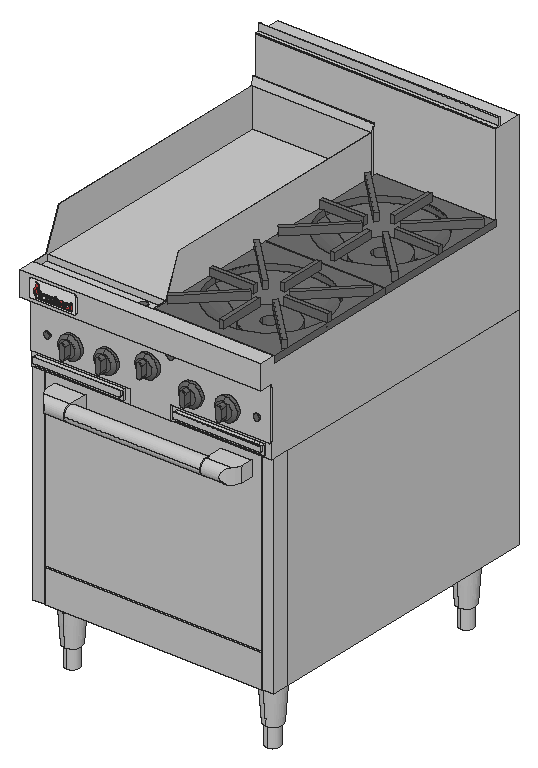
Revit family "QF_COMCATER ALL BRANDS_RCR6-2-3G", category Specialty Equipment, Revit 2014
Parameters (values of type "RCR6-2-3G_Natural Gas")
  URL Cutsheet = ""
  URL = ""
  Type Comments = "The Australian owned and designed* Trueheat RC Series of Gas Cooking Equipment has been developed for the restaurant and cafe market with a high quality finish, designed to fulfill the busy demands within a commercial kitchen.\r\nPowerful 24MJ/hr open burners with individual standing pilots included.\r\n100% Flame failure controls included as standard. Matt finish premium look cast iron trivets radiant heat and design makes it easy to move pots around the surface.\r\n16mm thick steel griddle plate with 16.5MJ/hr burner per 300mm section.\r\n25MJ/hr static oven with two oven racks fit to removable vertical rack guides which provide 3 rack heights. Oven racks are fabricated from 304 stainless steel. Interior oven panels are coated with black vitreous enamel for ease of cleaning.\r\nNote: Griddle is convertible to the left hand side. Additional charges apply."
  Status [instance] = ""
  Specification by User [instance] = ""
  Specification by Manufacturer [instance] = ""
  Seismic Rating = ""
  SMACNA No = ""
  Revision Code [instance] = ""
  Nominal Gas power = 21300 W
  NAFEM Spec ID Number = ""
  Model = "RCR6-2-3G"
  Mechanical Connection Type [instance] = " "
  Masterspec = ""
  Manufacturer = "TRUEHEAT"
  Length Actual = 600 mm
  Item Number [instance] = ""
  Installed By [instance] = ""
  Identify Quantity as Lot [instance] = no
  Height Actual = 1135 mm
  Gas power kW = 21.3
  Gas Size Flexible = 0 mm
  Gas Size = 19.05 mm
  Gas RI Height [instance] = 0 mm
  Gas Flow = 0.0 L/s
  Gas Connection Height [instance] = 705 mm
  Furnished By [instance] = ""
  Foodservice Equipment Identifier [instance] = yes
  Description = "2 BURNER COMBINATION RANGE WITH OVEN"
  Depth Actual = 830 mm
  CSI MasterFormat = ""
  BTUH = 21300 W
  Assembly Code = "E1090320"
  Accessory = no
Types (2): name
  RCR6-2-3G_Natural Gas
  RCR6-2-3G_LPG
Reference planes
  plane 1 "Center (Front/Back)": y = 0
  plane 2: z = 0
  plane 3 "Center (Left/Right)": x = 0
Forms (mm)
  Extrusion 1, solid
    sketch origin (96, 0, 705) x (1, 0, 0) y (0, 1, 0)
      loop
        line (0, 0) -> (2, 0) -> (2, 2) -> (0, 2) -> (0, 0)
    from 0 to 2
Dimensions and locks
  aligned and locked: level to plane 2
Nested families
  nested 1: "QF_COMCATER ALL BRANDS_RCR6-2-3G_Natural Gas" at (0, 0, 155), type "RCR6-2-3G_Natural Gas"
    with Show Logo yes, Show Clearance yes
  nested 2: "QF_COMCATER_THSP-10-00-003-6" at (0, 0, 0), type "THSP-10-00-003-6"
    with Show Logo yes, Show Clearance yes
Connectors
  piping at (97, 2, 706), diameter 19.05, driven by "Gas Size", driven by "Gas Flow"
    settings: on Extrusion 1, index 1, connector inside diameter 609.6 mm, connector length 0 mm, flow factor 0, pipe flow 0.0 L/s, pressure drop 0.0 Pa, fitting loss kfactor 0, connector angle 0.00°, fixture units 0, engagement length 0 mm, angle of deflection 0.00°, flow configuration 1, flow direction 1, fitting loss method 0, system type 22, joint type 0, gender type 0, connector reference index -1, connector utility 0, adjustable connector no, is connector primary yes, connector description "Gas connection for 'RCR6-2-3G'"
Definition of nested family "QF_COMCATER ALL BRANDS_RCR6-2-3G_Natural Gas"
  Parameters (values of type "RCR6-2-3G_Natural Gas")
    URL = "www.comcater.com.au"
    Show Logo [instance] = yes
    Show Clearance [instance] = yes
    Model = "RCR6-2-3G"
    Manufacturer = "TRUEHEAT"
    Description = "2 BURNER COMBINATION RANGE WITH OVEN"
    Assembly Code = "E1090320"
  Reference planes
    plane 1 "Back": y = 0
    plane 2: z = 0
    plane 3 "Left": x = 0
    plane 4 "Right": x = 600
    plane 5 "Front": y = -803
    plane 6 "Top": z = 980
  Forms (mm)
    Extrusion 1, solid
      sketch origin (0, 0, 527.5) x (0, 1, 0) y (0, 0, 1)
        loop
          line (0, 432.5) -> (-70, 432.5) -> (-70, 212.5) -> (-762.176, 212.5) -> (-762.176, 227.5) -> (-803, 227.5) -> (-803, 167.5) -> (-768, 167.5) -> (-768, -2.5) -> (0, -2.5) -> (0, 432.5)
      from 0 to 600
    Extrusion 2, solid
      sketch origin (0, 0, 527.5) x (0, 1, 0) y (0, 0, 1)
        loop
          line (-77.071, 341.25) -> (-82.176, 322.195) -> (-82.176, 212.5) -> (-80.176, 212.5) -> (-80.176, 321.931) -> (-75, 341.25) -> (-77.071, 341.25)
      from 0 to 300
    Extrusion 3, solid
      sketch origin (0, 0, 527.5) x (0, 1, 0) y (0, 0, 1)
        loop
          line (-82.176, 322.195) -> (-682.176, 322.195) -> (-722.176, 227.5) -> (-762.176, 227.5) -> (-762.176, 212.5) -> (-82.176, 212.5) -> (-82.176, 322.195)
      from 0 to 2
    Extrusion 4, solid
      sketch origin (298, 0, 527.5) x (0, 1, 0) y (0, 0, 1)
        loop
          line (-82.176, 322.195) -> (-682.176, 322.195) -> (-722.176, 227.5) -> (-762.176, 227.5) -> (-762.176, 212.5) -> (-82.176, 212.5) -> (-82.176, 322.195)
      from 0 to 2
    Extrusion 5, solid
      sketch origin (-4.5, -360, 512.5) x (1, 0, 0) y (0, 0, 1)
        loop
          line (6.5, 227.5) -> (302.5, 227.5) -> (302.5, 242.5) -> (6.5, 242.5) -> (6.5, 227.5)
      from -277.824 to 362.176
    Revolve 6, solid
      sketch origin (108.337, 8, 35.737) x (0, 1, 0) y (0, 0, 1)
        loop
          line (-786.003, 575.513) -> (-801, 575.513) -> (-801, 555.163) -> (-793.012, 547.176) -> (-786.003, 547.176) -> (-786.003, 575.513)
        axis (-786.003, 575.513) -> (-801, 575.513)
      angle from 0 to 360
    Extrusion 7, solid
      sketch origin (-264.343, -780, -888.928) x (-0.707107, 0, -0.707107) y (-0.707107, 0, 0.707107)
        loop
          arc (-1328.297, 810.227) -> (-1337.277, 810.227) -> (-1337.277, 801.247) r 6.35
          line (-1337.277, 801.247) -> (-1320.325, 784.294)
          arc (-1320.325, 784.294) -> (-1311.344, 784.294) -> (-1311.344, 793.275) r 6.35
          line (-1311.344, 793.275) -> (-1328.297, 810.227)
      from -13 to -28
    Extrusion 8, solid
      sketch origin (115.838, 32, 583.75) x (1, 0, 0) y (0, 0, 1)
        loop
          circle (234.162, 91.25) r 10.607
      from 803 to 805
    Extrusion 9, solid
      sketch origin (0, -768, 527.5) x (1, 0, 0) y (0, 0, 1)
        loop
          line (0, 162.5) -> (0, 40)
          arc (0, 40) -> (1.464, 36.464) -> (5, 35) r 5
          line (5, 35) -> (250, 35) -> (250, 0) -> (350, 0) -> (350, 35) -> (595, 35)
          arc (595, 35) -> (598.536, 36.464) -> (600, 40) r 5
          line (600, 40) -> (600, 162.5)
          arc (600, 162.5) -> (598.536, 166.036) -> (595, 167.5) r 5
          line (595, 167.5) -> (5, 167.5)
          arc (5, 167.5) -> (1.464, 166.036) -> (0, 162.5) r 5
      from 0 to 3
    Extrusion 10, solid
      sketch origin (92.5, -781, 527.5) x (1, 0, 0) y (0, 0, 1)
        loop
          arc (-77.5, 20) -> (-76.036, 16.464) -> (-72.5, 15) r 5
          line (-72.5, 15) -> (137.5, 15)
          arc (137.5, 15) -> (141.036, 16.464) -> (142.5, 20) r 5
          line (142.5, 20) -> (142.5, 30) -> (-77.5, 30) -> (-77.5, 20)
      from 0 to 2
    Extrusion 11, solid
      sketch origin (92.5, -5, 527.5) x (0, 1, 0) y (0, 0, 1)
        loop
          line (-776, 30) -> (-776, 27.971) -> (-768.029, 27.971) -> (-768.029, 4.971) -> (-766, 4.971) -> (-766, 30) -> (-776, 30)
      from -77.5 to 142.5
    Extrusion 12, solid, visible <- "Show Logo"
      sketch origin (30, -802.5, 534.763) x (1, 0, 0) y (0, 0, 1)
        loop
          line (98.5, 191.841) -> (96.5, 191.841) -> (96.5, 189.798) -> (95.026, 189.798) -> (95.026, 187.798) -> (96.5, 187.798) -> (96.5, 175.237) -> (98.5, 175.237) -> (98.5, 187.798) -> (100, 187.798) -> (100, 189.798) -> (98.5, 189.798) -> (98.5, 191.841)
        loop
          line (94, 187.798) -> (92, 187.798) -> (92, 186.56)
          arc (92, 186.56) -> (81.976, 181.518) -> (92, 176.475) r 6.28
          line (92, 176.475) -> (92, 175.237) -> (94, 175.237) -> (94, 187.798)
        loop
          arc (92, 183.592) -> (83.976, 181.518) -> (92, 179.443) r 4.28
          line (92, 179.443) -> (92, 183.592)
        loop
          line (65.446, 184.298) -> (65.446, 175.237) -> (67.446, 175.237) -> (67.446, 184.729)
          arc (67.446, 184.729) -> (64.497, 187.542) -> (60.446, 187.101) r 4.833
          line (60.446, 187.101) -> (60.446, 191.841) -> (58.446, 191.841) -> (58.446, 175.237) -> (60.446, 175.237) -> (60.446, 184.298)
          arc (60.446, 184.298) -> (62.946, 185.798) -> (65.446, 184.298) r 2.833
        loop
          arc (80.998, 181.518) -> (69.107, 184.34) -> (78.461, 176.475) r 6.28
          line (78.461, 176.475) -> (77.269, 178.081)
          arc (77.269, 178.081) -> (72.794, 177.694) -> (70.437, 181.518) r 4.28
          line (70.437, 181.518) -> (80.998, 181.518)
        loop
          arc (78.502, 183.518) -> (74.717, 185.798) -> (70.933, 183.518) r 4.28
          line (70.933, 183.518) -> (78.502, 183.518)
      from 0 to 2
    Extrusion 13, solid, visible <- "Show Logo"
      sketch origin (14.146, -802.5, 534.763) x (1, 0, 0) y (0, 0, 1)
        loop
          arc (70.804, 183.518) -> (67.02, 185.798) -> (63.236, 183.518) r 4.28
          line (63.236, 183.518) -> (70.804, 183.518)
        loop
          arc (73.3, 181.518) -> (61.409, 184.34) -> (70.764, 176.475) r 6.28
          line (70.764, 176.475) -> (69.572, 178.081)
          arc (69.572, 178.081) -> (65.096, 177.694) -> (62.74, 181.518) r 4.28
          line (62.74, 181.518) -> (73.3, 181.518)
        loop
          line (34.617, 191.841) -> (34.617, 189.798) -> (33.143, 189.798) -> (33.143, 187.798) -> (34.617, 187.798) -> (34.617, 175.237) -> (36.617, 175.237) -> (36.617, 187.798) -> (38.117, 187.798) -> (38.117, 189.798) -> (36.617, 189.798) -> (36.617, 191.841) -> (34.617, 191.841)
        loop
          arc (57.696, 178.737) -> (55.196, 177.237) -> (52.696, 178.737) r 2.833
          line (52.696, 178.737) -> (52.696, 187.798) -> (50.696, 187.798) -> (50.696, 178.307)
          arc (50.696, 178.307) -> (55.196, 175.237) -> (59.696, 178.307) r 4.833
          line (59.696, 178.307) -> (59.696, 187.798) -> (57.696, 187.798) -> (57.696, 178.737)
        loop
          line (41.117, 186.56) -> (41.117, 187.798) -> (39.117, 187.798) -> (39.117, 175.237) -> (41.117, 175.237) -> (41.117, 183.592)
          arc (41.117, 183.592) -> (44.587, 185.789) -> (48.31, 184.053) r 4.28
          line (48.31, 184.053) -> (49.735, 185.478)
          arc (49.735, 185.478) -> (45.643, 187.749) -> (41.117, 186.56) r 6.28
      from 0 to 2
    Extrusion 14, solid, visible <- "Show Logo"
      sketch origin (0, -802.5, 532.5) x (1, 0, 0) y (0, 0, 1)
        loop
          line (130, 176.5) -> (40, 176.5) -> (40, 175.5) -> (130, 175.5) -> (130, 176.5)
        loop
          arc (40, 177.5) -> (40.603, 181.061) -> (42.43, 184.177) r 10.013
          arc (42.43, 184.177) -> (44.457, 187.03) -> (45.914, 190.212) r 18.627
          arc (45.914, 190.212) -> (46.43, 193.956) -> (45.458, 197.608) r 9.58
          arc (45.458, 197.608) -> (44.352, 194.23) -> (41.979, 191.583) r 8.629
          arc (41.979, 191.583) -> (38.017, 184.959) -> (40, 177.5) r 9.924
        loop
          arc (39.054, 199.801) -> (35.351, 191.043) -> (36.701, 181.631) r 17.746
          arc (36.701, 181.631) -> (36.715, 187.191) -> (39.483, 192.014) r 10.848
          arc (39.483, 192.014) -> (42.461, 196.051) -> (44.165, 200.77) r 17.413
          arc (44.165, 200.77) -> (46.042, 199.588) -> (47.328, 197.781) r 5.718
          arc (47.328, 197.781) -> (46.772, 205.563) -> (40.995, 210.808) r 10.489
          arc (40.995, 210.808) -> (41.42, 205.059) -> (39.054, 199.801) r 11.727
      from 0 to 2
    Extrusion 15, solid, visible <- "Show Logo"
      sketch origin (0, -802, 532.5) x (1, 0, 0) y (0, 0, 1)
        loop
          line (29.373, 170.5) -> (135, 170.5)
          arc (135, 170.5) -> (138.536, 171.964) -> (140, 175.5) r 5
          line (140, 175.5) -> (140, 210.808)
          arc (140, 210.808) -> (138.536, 214.344) -> (135, 215.808) r 5
          line (135, 215.808) -> (29.373, 215.808)
          arc (29.373, 215.808) -> (25.837, 214.344) -> (24.373, 210.808) r 5
          line (24.373, 210.808) -> (24.373, 175.5)
          arc (24.373, 175.5) -> (25.837, 171.964) -> (29.373, 170.5) r 5
      from 0 to 2
    Extrusion 16, solid
      sketch origin (-119.5, 20, 740) x (1, 0, 0) y (0, 1, 0)
        loop
          circle (377.5, -762.176) r 10
      from 0 to 2
    Extrusion 17, solid
      sketch origin (-3057.627, -656.5, -142.68) x (1, 0, 0) y (0, 1, 0)
        loop
          line (3503.813, 452.102) -> (3513.813, 452.102) -> (3513.813, 565.456) -> (3503.813, 565.456) -> (3503.813, 452.102)
        loop
          line (3546.914, 419) -> (3546.914, 409) -> (3656.627, 409) -> (3656.627, 419) -> (3546.914, 419)
        loop
          line (3470.712, 419) -> (3360.999, 419) -> (3360.999, 409) -> (3470.712, 409) -> (3470.712, 419)
        loop
          line (3474.8, 433.871) -> (3481.872, 440.942) -> (3367.316, 555.497) -> (3360.245, 548.426) -> (3474.8, 433.871)
        loop
          line (3535.755, 440.942) -> (3542.826, 433.871) -> (3657.381, 548.426) -> (3650.31, 555.497) -> (3535.755, 440.942)
        loop
          line (3503.813, 375.899) -> (3503.813, 262.545) -> (3513.813, 262.545) -> (3513.813, 375.899) -> (3503.813, 375.899)
        loop
          line (3474.8, 394.13) -> (3360.245, 279.574) -> (3367.316, 272.503) -> (3481.872, 387.059) -> (3474.8, 394.13)
        loop
          line (3535.755, 387.059) -> (3650.31, 272.503) -> (3657.381, 279.574) -> (3542.826, 394.13) -> (3535.755, 387.059)
      from 897.68 to 916.73
    Extrusion 18, solid
      sketch origin (-0.651, 232.549, -154.55) x (0, 1, 0) y (0, 0, 1)
        loop
          circle (-1043.639, 639.629) r 18.893
      from 130.651 to 470.651
    Extrusion 19, solid
      sketch origin (-3057.627, -656.5, -137.976) x (1, 0, 0) y (0, 1, 0)
        loop
          line (3657.627, 586.5) -> (3359.999, 586.5) -> (3359.999, 241.5) -> (3657.627, 241.5) -> (3657.627, 586.5)
        loop
          circle (3508.813, 414.196) r 139
      from 877.976 to 892.976
    Extrusion 20, solid
      sketch origin (0, -45.176, -155) x (0, 1, 0) y (0, 0, 1)
        loop
          line (-717.007, 680) -> (-717.007, 242) -> (-677, 242) -> (-677, 680) -> (-717.007, 680)
      from 30 to 570
    Extrusion 21, void
      sketch origin (0, -26.983, -155) x (1, 0, 0) y (0, 1, 0)
        loop
          arc (82.311, -803.017) -> (66.504, -785.661) -> (54.97, -765.213) r 104.494
          line (54.97, -765.213) -> (54.97, -803.017) -> (82.311, -803.017)
      from 621.18 to 659
    Extrusion 22, solid
      sketch origin (0, -45.183, -155) x (0, 1, 0) y (0, 0, 1)
        loop
          line (-677, 155) -> (-677, 237) -> (-717, 237) -> (-717, 155) -> (-677, 155)
      from 30 to 570
    Extrusion 23, solid
      sketch origin (0, -45.176, -155) x (1, 0, 0) y (0, 0, 1)
        loop
          line (0, 680) -> (0, 155) -> (28, 155) -> (28, 680) -> (0, 680)
        loop
          line (572, 680) -> (572, 155) -> (600, 155) -> (600, 680) -> (572, 680)
      from 677 to 717.007
    Revolve 24, solid
      sketch origin (198.337, 8, 35.737) x (0, 1, 0) y (0, 0, 1)
        loop
          line (-786.003, 575.513) -> (-801, 575.513) -> (-801, 555.163) -> (-793.012, 547.176) -> (-786.003, 547.176) -> (-786.003, 575.513)
        axis (-786.003, 575.513) -> (-801, 575.513)
      angle from 0 to 360
    Extrusion 25, solid
      sketch origin (-174.343, -780, -888.928) x (-0.707107, 0, -0.707107) y (-0.707107, 0, 0.707107)
        loop
          arc (-1328.297, 810.227) -> (-1337.277, 810.227) -> (-1337.277, 801.247) r 6.35
          line (-1337.277, 801.247) -> (-1320.325, 784.294)
          arc (-1320.325, 784.294) -> (-1311.344, 784.294) -> (-1311.344, 793.275) r 6.35
          line (-1311.344, 793.275) -> (-1328.297, 810.227)
      from -13 to -28
    Revolve 26, solid
      sketch origin (499.175, 8, 35.737) x (0, 1, 0) y (0, 0, -1)
        loop
          line (-786.003, -575.513) -> (-786.003, -547.176) -> (-793.012, -547.176) -> (-801, -555.163) -> (-801, -575.513) -> (-786.003, -575.513)
        axis (-786.003, -575.513) -> (-801, -575.513)
      angle from 0 to 360
    Extrusion 27, solid
      sketch origin (871.856, -780, -888.928) x (0.707107, 0, -0.707107) y (-0.707107, 0, -0.707107)
        loop
          line (-1328.297, -810.227) -> (-1311.344, -793.275)
          arc (-1311.344, -793.275) -> (-1311.344, -784.294) -> (-1320.325, -784.294) r 6.35
          line (-1320.325, -784.294) -> (-1337.277, -801.247)
          arc (-1337.277, -801.247) -> (-1337.277, -810.227) -> (-1328.297, -810.227) r 6.35
      from -13 to -28
    Revolve 28, solid
      sketch origin (409.175, 8, 35.737) x (0, 1, 0) y (0, 0, -1)
        loop
          line (-786.003, -575.513) -> (-786.003, -547.176) -> (-793.012, -547.176) -> (-801, -555.163) -> (-801, -575.513) -> (-786.003, -575.513)
        axis (-786.003, -575.513) -> (-801, -575.513)
      angle from 0 to 360
    Extrusion 29, solid
      sketch origin (781.856, -780, -888.928) x (0.707107, 0, -0.707107) y (-0.707107, 0, -0.707107)
        loop
          line (-1328.297, -810.227) -> (-1311.344, -793.275)
          arc (-1311.344, -793.275) -> (-1311.344, -784.294) -> (-1320.325, -784.294) r 6.35
          line (-1320.325, -784.294) -> (-1337.277, -801.247)
          arc (-1337.277, -801.247) -> (-1337.277, -810.227) -> (-1328.297, -810.227) r 6.35
      from -13 to -28
    Revolve 30, solid
      sketch origin (300, 8, 61.149) x (0, 1, 0) y (0, 0, -1)
        loop
          line (-786.003, -575.513) -> (-786.003, -547.176) -> (-793, -547.176) -> (-801, -555.176) -> (-801, -575.513) -> (-786.003, -575.513)
        axis (-786.003, -575.513) -> (-801, -575.513)
      angle from 0 to 360
    Extrusion 31, solid
      sketch origin (672.681, -780, -863.515) x (0.707107, 0, -0.707107) y (-0.707107, 0, -0.707107)
        loop
          line (-1328.297, -810.227) -> (-1311.344, -793.275)
          arc (-1311.344, -793.275) -> (-1311.344, -784.294) -> (-1320.325, -784.294) r 6.35
          line (-1320.325, -784.294) -> (-1337.277, -801.247)
          arc (-1337.277, -801.247) -> (-1337.277, -810.227) -> (-1328.297, -810.227) r 6.35
      from -13 to -28
    Extrusion 32, solid
      sketch origin (-3057.627, -173.5, -142.68) x (1, 0, 0) y (0, 1, 0)
        loop
          line (3503.813, -452.102) -> (3503.813, -565.456) -> (3513.813, -565.456) -> (3513.813, -452.102) -> (3503.813, -452.102)
        loop
          line (3546.914, -419) -> (3656.627, -419) -> (3656.627, -409) -> (3546.914, -409) -> (3546.914, -419)
        loop
          line (3470.712, -419) -> (3470.712, -409) -> (3360.999, -409) -> (3360.999, -419) -> (3470.712, -419)
        loop
          line (3474.8, -433.871) -> (3360.245, -548.426) -> (3367.316, -555.497) -> (3481.872, -440.942) -> (3474.8, -433.871)
        loop
          line (3535.755, -440.942) -> (3650.31, -555.497) -> (3657.381, -548.426) -> (3542.826, -433.871) -> (3535.755, -440.942)
        loop
          line (3503.813, -375.899) -> (3513.813, -375.899) -> (3513.813, -262.545) -> (3503.813, -262.545) -> (3503.813, -375.899)
        loop
          line (3474.8, -394.13) -> (3481.872, -387.059) -> (3367.316, -272.503) -> (3360.245, -279.574) -> (3474.8, -394.13)
        loop
          line (3535.755, -387.059) -> (3542.826, -394.13) -> (3657.381, -279.574) -> (3650.31, -272.503) -> (3535.755, -387.059)
      from 897.68 to 916.73
    Extrusion 33, solid
      sketch origin (-3057.627, -173.5, -137.976) x (1, 0, 0) y (0, 1, 0)
        loop
          line (3657.627, -586.5) -> (3657.627, -241.5) -> (3359.999, -241.5) -> (3359.999, -586.5) -> (3657.627, -586.5)
        loop
          circle (3508.813, -414.196) r 139
      from 877.976 to 892.976
    Extrusion 34, solid
      sketch origin (0, -8.09, -155) x (0, 1, 0) y (0, 0, 1)
        loop
          line (-754.093, 659) -> (-803, 659)
          arc (-803, 659) -> (-821.91, 640.09) -> (-803, 621.18) r 18.91
          line (-803, 621.18) -> (-754.093, 621.18) -> (-754.093, 659)
      from 54.97 to 130
    Extrusion 35, solid
      sketch origin (0, 677, -155) x (1, 0, 0) y (0, 0, 1)
        loop
          line (0, 680) -> (0, 155) -> (600, 155) -> (600, 680) -> (0, 680)
      from 677 to 1399.176
    Extrusion 36, solid
      sketch origin (600, -8.09, -155) x (0, 1, 0) y (0, 0, -1)
        loop
          line (-754.093, -659) -> (-754.093, -621.18) -> (-803, -621.18)
          arc (-803, -621.18) -> (-821.91, -640.09) -> (-803, -659) r 18.91
          line (-803, -659) -> (-754.093, -659)
      from 54.97 to 130
    Extrusion 37, void
      sketch origin (600, -26.983, -155) x (-1, 0, 0) y (0, -1, 0)
        loop
          line (82.311, 803.017) -> (54.97, 803.017) -> (54.97, 765.213)
          arc (54.97, 765.213) -> (66.504, 785.661) -> (82.311, 803.017) r 104.494
      from 621.18 to 659
    Extrusion 38, solid
      sketch origin (0, -5, -155) x (1, 0, 0) y (0, 0, 1)
        loop
          circle (108.338, 766.25) r 8
      from 766 to 773.003
    Extrusion 39, solid
      sketch origin (90, -5, -155) x (1, 0, 0) y (0, 0, 1)
        loop
          circle (108.338, 766.25) r 8
      from 766 to 773.003
    Extrusion 40, solid
      sketch origin (300.837, -5, -155) x (1, 0, 0) y (0, 0, 1)
        loop
          circle (108.338, 766.25) r 8
      from 766 to 773.003
    Extrusion 41, solid
      sketch origin (390.837, -5, -155) x (1, 0, 0) y (0, 0, 1)
        loop
          circle (108.338, 766.25) r 8
      from 766 to 773.003
    Extrusion 42, solid
      sketch origin (191.662, -5, -129.588) x (1, 0, 0) y (0, 0, 1)
        loop
          circle (108.338, 766.25) r 8
      from 766 to 773.003
    Extrusion 43, solid
      sketch origin (507.5, -781, 527.5) x (-1, 0, 0) y (0, 0, -1)
        loop
          line (-77.5, -20) -> (-77.5, -30) -> (142.5, -30) -> (142.5, -20)
          arc (142.5, -20) -> (141.036, -16.464) -> (137.5, -15) r 5
          line (137.5, -15) -> (-72.5, -15)
          arc (-72.5, -15) -> (-76.036, -16.464) -> (-77.5, -20) r 5
      from 0 to 2
    Extrusion 44, solid
      sketch origin (507.5, -5, 527.5) x (0, 1, 0) y (0, 0, -1)
        loop
          line (-776, -30) -> (-766, -30) -> (-766, -4.971) -> (-768.029, -4.971) -> (-768.029, -27.971) -> (-776, -27.971) -> (-776, -30)
      from -77.5 to 142.5
    Extrusion 45, solid, visible <- "Show Clearance", detail levels coarse
      sketch origin (0, -5, -155) x (0, 1, 0) y (0, 0, 1)
        loop
          line (-768.029, 687.471) -> (-768.029, 712.5) -> (-1191.183, 712.5) -> (-1191.183, 687.471) -> (-768.029, 687.471)
      from 15 to 235
    Extrusion 46, solid, visible <- "Show Clearance", detail levels coarse
      sketch origin (350, -5, -155) x (0, 1, 0) y (0, 0, 1)
        loop
          line (-768.029, 687.471) -> (-768.029, 712.5) -> (-1191.183, 712.5) -> (-1191.183, 687.471) -> (-768.029, 687.471)
      from 15 to 235
    Extrusion 47, solid, visible <- "Show Clearance", detail levels coarse
      sketch origin (0, 0.817, -155) x (0, 1, 0) y (0, 0, 1)
        loop
          arc (-763, 676) -> (-1069.884, 548.884) -> (-1197, 242) r 434
          line (-1197, 242) -> (-763, 242) -> (-763, 676)
      from 30 to 570
    Blend 48, void
      base sketch origin (0, 0, 490) x (1, 0, 0) y (0, 1, 0)
        loop
          circle (451.186, -242.304) r 70
      top sketch origin (0, 0, 0) x (1, 0, 0) y (0, 1, 0)
        loop
          circle (451.186, -242.304) r 140
      from 185 to 740
    Blend 49, void
      base sketch origin (0, -345.392, 490) x (1, 0, 0) y (0, 1, 0)
        loop
          circle (451.186, -242.304) r 70
      top sketch origin (0, -345.392, 0) x (1, 0, 0) y (0, 1, 0)
        loop
          circle (451.186, -242.304) r 140
      from 185 to 740
    Extrusion 50, solid
      sketch origin (0, 0, 675) x (1, 0, 0) y (0, 1, 0)
        loop
          circle (451.186, -242.304) r 65
        loop
          circle (451.186, -242.304) r 20
      from 0 to 30
    Extrusion 51, solid
      sketch origin (0, -345, 675) x (1, 0, 0) y (0, 1, 0)
        loop
          circle (451.186, -242.304) r 65
        loop
          circle (451.186, -242.304) r 20
      from 0 to 30
    Extrusion 52, solid
      sketch origin (0, -23, 525) x (0, 1, 0) y (0, 0, 1)
        loop
          line (-47, 435) -> (-35, 435) -> (-35, 455) -> (-37, 455) -> (-37, 437) -> (-47, 437) -> (-47, 435)
      from 0 to 600
    Extrusion 53, solid
      sketch origin (96, 10, -303) x (1, 0, 0) y (0, 0, 1)
        loop
          circle (0, 850) r 9.3
      from 0 to 10
    Extrusion 54, solid
      sketch origin (0, -771, -155) x (1, 0, 0) y (0, 0, 1)
        loop
          circle (42.5, 766.25) r 7.5
      from 0 to 2
    Extrusion 55, solid
      sketch origin (522.512, -771, -155) x (1, 0, 0) y (0, 0, 1)
        loop
          circle (42.5, 766.25) r 7.5
      from 0 to 2
    Sweep 56, solid
      path origin (0, 0, -155) x (1, 0, 0) y (0, 1, 0)
        loop
          circle (451.186, -587.5) r 139
      profile origin (451.186, -448.5, -155) x (0, -1, 0) y (0, 0, 1)
        loop
          line (-0.987, 895) -> (69.013, 830) -> (70.013, 830) -> (71.013, 830) -> (1.013, 895) -> (-0.987, 895)
    Sweep 57, solid
      path origin (0, 345.392, -155) x (1, 0, 0) y (0, 1, 0)
        loop
          circle (451.186, -587.5) r 139
      profile origin (451.186, -103.108, -155) x (0, -1, 0) y (0, 0, 1)
        loop
          line (-0.987, 895) -> (69.013, 830) -> (70.013, 830) -> (71.013, 830) -> (1.013, 895) -> (-0.987, 895)
    Extrusion 58, solid, visible <- "Show Clearance", detail levels coarse
      sketch origin (0, 0, -155) x (1, 0, 0) y (0, 1, 0)
        loop
          line (750, 150) -> (-150, 150) -> (-150, -803) -> (0, -803) -> (0, 0) -> (600, 0) -> (600, -803) -> (750, -803) -> (750, 150)
      from 155 to 1135
  Cuts and joins
    Blend 48, Blend 49 cuts Extrusion 1
    joined: Extrusion 1, Extrusion 3, Extrusion 4
    Extrusion 21, Extrusion 37 cuts Extrusion 34
    Extrusion 37 cuts Extrusion 36
  Lines and regions (mm)
    symbolic lines, style "200-EquipBorder-2D"
      curve 1: line (0, 0, 0) -> (600, 0, 0)
      curve 2: line (600, -803, 0) -> (0, -803, 0)
      curve 6: line (0, 0, 0) -> (0, -803, 0)
      curve 7: line (600, -803, 0) -> (600, 0, 0)
      curve 114: line (86.7, 10, 0) -> (105.3, 10, 0)
      curve 115: line (105.3, 10, 0) -> (105.3, 0, 0)
      curve 116: line (86.7, 10, 0) -> (86.7, 0, 0)
      curve 117: line (82.311, -830, 0) -> (517.689, -830, 0)
      curve 118: arc (539.695, -803, 0) -> (529.825, -817.423, 0) -> (517.689, -830, 0) r 104.494
      curve 119: arc (82.311, -830, 0) -> (70.175, -817.423, 0) -> (60.305, -803, 0) r 104.494
      curve 123: line (0, -70, 0) -> (600, -70, 0)
    symbolic lines, style "QF_Door-Drawer Clearances", visible <- "Show Clearance"
      curve 3: line (30, -803, 0) -> (30, -1196.183, 0)
      curve 4: line (30, -1196.183, 0) -> (570, -1196.183, 0)
      curve 5: line (570, -1196.183, 0) -> (570, -803, 0)
    symbolic lines, style "200-EquipInternal-2D"
      curve 8: line (302.372, -70, 0) -> (302.372, -760, 0)
      curve 9: line (592.683, -101.003, 0) -> (478.128, -215.558, 0)
      curve 10: line (485.199, -222.629, 0) -> (599.754, -108.074, 0)
      curve 11: line (456.186, -204.399, 0) -> (456.186, -91.045, 0)
      curve 12: line (446.186, -91.045, 0) -> (446.186, -204.399, 0)
      curve 13: line (424.244, -215.558, 0) -> (309.689, -101.003, 0)
      curve 14: line (302.618, -108.074, 0) -> (417.173, -222.629, 0)
      curve 15: line (413.085, -237.5, 0) -> (303.372, -237.5, 0)
      curve 16: line (303.372, -247.5, 0) -> (413.085, -247.5, 0)
      curve 17: line (417.173, -262.371, 0) -> (302.618, -376.926, 0)
      curve 18: line (309.689, -383.997, 0) -> (424.244, -269.442, 0)
      curve 19: line (456.186, -393.955, 0) -> (456.186, -280.601, 0)
      curve 20: line (446.186, -280.601, 0) -> (446.186, -393.955, 0)
      curve 21: line (478.128, -269.442, 0) -> (592.683, -383.997, 0)
      curve 22: line (599.754, -376.926, 0) -> (485.199, -262.371, 0)
      curve 23: line (489.287, -247.5, 0) -> (599, -247.5, 0)
      curve 24: line (599, -237.5, 0) -> (489.287, -237.5, 0)
      curve 25: line (478.128, -215.558, 0) -> (485.199, -222.629, 0)
      curve 26: line (446.186, -204.399, 0) -> (456.186, -204.399, 0)
      curve 27: line (413.085, -247.5, 0) -> (413.085, -237.5, 0)
      curve 28: line (417.173, -222.629, 0) -> (424.244, -215.558, 0)
      curve 29: line (424.244, -269.442, 0) -> (417.173, -262.371, 0)
      curve 30: line (456.186, -280.601, 0) -> (446.186, -280.601, 0)
      curve 31: line (489.287, -237.5, 0) -> (489.287, -247.5, 0)
      curve 32: line (485.199, -262.371, 0) -> (478.128, -269.442, 0)
      curve 33: line (309.689, -101.003, 0) -> (302.618, -108.074, 0)
      curve 34: line (456.186, -91.045, 0) -> (446.186, -91.045, 0)
      curve 35: line (303.372, -237.5, 0) -> (303.372, -247.5, 0)
      curve 36: line (302.618, -376.926, 0) -> (309.689, -383.997, 0)
      curve 37: line (446.186, -393.955, 0) -> (456.186, -393.955, 0)
      curve 38: line (592.683, -383.997, 0) -> (599.754, -376.926, 0)
      curve 39: line (599, -247.5, 0) -> (599, -237.5, 0)
      curve 40: line (599.754, -108.074, 0) -> (592.683, -101.003, 0)
      curve 41: line (600, -415, 0) -> (302.372, -415, 0)
      curve 42: line (2, -722.176, 0) -> (298, -722.176, 0)
      curve 43: line (600, -762.176, 0) -> (0, -762.176, 0)
      curve 44: line (302.372, -760, 0) -> (600, -760, 0)
      curve 45: line (298, -82.176, 0) -> (298, -762.176, 0)
      curve 46: line (300, -762.176, 0) -> (300, -75, 0)
      curve 47: line (2, -762.176, 0) -> (2, -82.176, 0)
      curve 48: arc (446.186, -177.496, 0) -> (423.956, -183.283, 0) -> (405.126, -196.44, 0) r 65
      curve 49: arc (398.618, -204.074, 0) -> (390.158, -219.932, 0) -> (386.364, -237.5, 0) r 65
      curve 50: arc (456.186, -177.496, 0) -> (478.417, -183.283, 0) -> (497.246, -196.44, 0) r 65
      curve 51: arc (503.755, -204.074, 0) -> (512.215, -219.932, 0) -> (516.008, -237.5, 0) r 65
      curve 52: circle (451.186, -242.304, 0) r 20 normal (0, 0, 1)
      curve 53: arc (446.186, -307.504, 0) -> (423.956, -301.717, 0) -> (405.126, -288.56, 0) r 65
      curve 54: arc (398.618, -280.926, 0) -> (390.158, -265.068, 0) -> (386.364, -247.5, 0) r 65
      curve 55: arc (456.186, -307.504, 0) -> (478.417, -301.717, 0) -> (497.246, -288.56, 0) r 65
      curve 56: arc (503.755, -280.926, 0) -> (512.215, -265.068, 0) -> (516.008, -247.5, 0) r 65
      curve 57: line (592.683, -446.003, 0) -> (478.128, -560.558, 0)
      curve 58: line (485.199, -567.629, 0) -> (599.754, -453.074, 0)
      curve 59: line (456.186, -549.399, 0) -> (456.186, -436.045, 0)
      curve 60: line (446.186, -436.045, 0) -> (446.186, -549.399, 0)
      curve 61: line (424.244, -560.558, 0) -> (309.689, -446.003, 0)
      curve 62: line (302.618, -453.074, 0) -> (417.173, -567.629, 0)
      curve 63: line (413.085, -582.5, 0) -> (303.372, -582.5, 0)
      curve 64: line (303.372, -592.5, 0) -> (413.085, -592.5, 0)
      curve 65: line (417.173, -607.371, 0) -> (302.618, -721.926, 0)
      curve 66: line (309.689, -728.997, 0) -> (424.244, -614.442, 0)
      curve 67: line (456.186, -738.955, 0) -> (456.186, -625.601, 0)
      curve 68: line (446.186, -625.601, 0) -> (446.186, -738.955, 0)
      curve 69: line (478.128, -614.442, 0) -> (592.683, -728.997, 0)
      curve 70: line (599.754, -721.926, 0) -> (485.199, -607.371, 0)
      curve 71: line (489.287, -592.5, 0) -> (599, -592.5, 0)
      curve 72: line (599, -582.5, 0) -> (489.287, -582.5, 0)
      curve 73: line (478.128, -560.558, 0) -> (485.199, -567.629, 0)
      curve 74: line (446.186, -549.399, 0) -> (456.186, -549.399, 0)
      curve 75: line (413.085, -592.5, 0) -> (413.085, -582.5, 0)
      curve 76: line (417.173, -567.629, 0) -> (424.244, -560.558, 0)
      curve 77: line (424.244, -614.442, 0) -> (417.173, -607.371, 0)
      curve 78: line (456.186, -625.601, 0) -> (446.186, -625.601, 0)
      curve 79: line (489.287, -582.5, 0) -> (489.287, -592.5, 0)
      curve 80: line (485.199, -607.371, 0) -> (478.128, -614.442, 0)
      curve 81: line (309.689, -446.003, 0) -> (302.618, -453.074, 0)
      curve 82: line (456.186, -436.045, 0) -> (446.186, -436.045, 0)
      curve 83: line (303.372, -582.5, 0) -> (303.372, -592.5, 0)
      curve 84: line (302.618, -721.926, 0) -> (309.689, -728.997, 0)
      curve 85: line (446.186, -738.955, 0) -> (456.186, -738.955, 0)
      curve 86: line (592.683, -728.997, 0) -> (599.754, -721.926, 0)
      curve 87: line (599, -592.5, 0) -> (599, -582.5, 0)
      curve 88: line (599.754, -453.074, 0) -> (592.683, -446.003, 0)
      curve 89: arc (446.186, -522.496, 0) -> (423.956, -528.283, 0) -> (405.126, -541.44, 0) r 65
      curve 90: arc (398.618, -549.074, 0) -> (390.158, -564.932, 0) -> (386.364, -582.5, 0) r 65
      curve 91: arc (456.186, -522.496, 0) -> (478.417, -528.283, 0) -> (497.246, -541.44, 0) r 65
      curve 92: arc (503.755, -549.074, 0) -> (512.215, -564.932, 0) -> (516.008, -582.5, 0) r 65
      curve 93: circle (451.186, -587.304, 0) r 20 normal (0, 0, 1)
      curve 94: arc (446.186, -652.504, 0) -> (423.956, -646.717, 0) -> (405.126, -633.56, 0) r 65
      curve 95: arc (398.618, -625.926, 0) -> (390.158, -610.068, 0) -> (386.364, -592.5, 0) r 65
      curve 96: arc (456.186, -652.504, 0) -> (478.417, -646.717, 0) -> (497.246, -633.56, 0) r 65
      curve 97: arc (503.755, -625.926, 0) -> (512.215, -610.068, 0) -> (516.008, -592.5, 0) r 65
      curve 98: arc (456.186, -448.786, 0) -> (506.594, -460.252, 0) -> (549.295, -489.391, 0) r 138.608
      curve 99: arc (589.9, -582.5, 0) -> (580.416, -536.666, 0) -> (556.237, -496.591, 0) r 138.797
      curve 100: arc (446.186, -448.786, 0) -> (395.778, -460.252, 0) -> (353.078, -489.391, 0) r 138.608
      curve 101: arc (312.472, -582.5, 0) -> (321.956, -536.666, 0) -> (346.135, -496.591, 0) r 138.797
      curve 102: arc (456.186, -726.214, 0) -> (506.594, -714.748, 0) -> (549.295, -685.609, 0) r 138.608
      curve 103: arc (589.9, -592.5, 0) -> (580.416, -638.334, 0) -> (556.237, -678.409, 0) r 138.797
      curve 104: arc (446.186, -726.214, 0) -> (395.778, -714.748, 0) -> (353.078, -685.609, 0) r 138.608
      curve 105: arc (312.472, -592.5, 0) -> (321.956, -638.334, 0) -> (346.135, -678.409, 0) r 138.797
      curve 106: arc (456.186, -103.394, 0) -> (506.594, -114.86, 0) -> (549.295, -143.999, 0) r 138.608
      curve 107: arc (589.9, -237.108, 0) -> (580.416, -191.274, 0) -> (556.237, -151.199, 0) r 138.797
      curve 108: arc (446.186, -103.394, 0) -> (395.778, -114.86, 0) -> (353.078, -143.999, 0) r 138.608
      curve 109: arc (312.472, -237.108, 0) -> (321.956, -191.274, 0) -> (346.135, -151.199, 0) r 138.797
      curve 110: arc (456.186, -380.821, 0) -> (506.594, -369.355, 0) -> (549.295, -340.216, 0) r 138.608
      curve 111: arc (589.9, -247.108, 0) -> (580.416, -292.941, 0) -> (556.237, -333.017, 0) r 138.797
      curve 112: arc (446.186, -380.821, 0) -> (395.778, -369.355, 0) -> (353.078, -340.216, 0) r 138.608
      curve 113: arc (312.472, -247.108, 0) -> (321.956, -292.941, 0) -> (346.135, -333.017, 0) r 138.797
      curve 124: line (0, -60, 0) -> (600, -60, 0)
      curve 125: line (600, -58, 0) -> (0, -58, 0)
      curve 126: line (2, -82.176, 0) -> (298, -82.176, 0)
      curve 127: line (300, -75, 0) -> (0, -75, 0)
    symbolic lines, style "QF_Clearances", visible <- "Show Clearance"
      curve 120: line (-150, -803, 0) -> (-150, 150, 0)
      curve 121: line (-150, 150, 0) -> (750, 150, 0)
      curve 122: line (750, 150, 0) -> (750, -803, 0)
  Dimensions and locks
    plane 1 "Back" to plane 5 "Front" = 803 mm
    plane 6 "Top" to level = 980 mm  (x2)
    plane 3 "Left" to plane 4 "Right" = 600 mm
    plane 5 "Front" to plane 1 "Back" = 803 mm
    plane 4 "Right" to plane 3 "Left" = 600 mm
    aligned and locked: level to plane 2
  Connectors
    piping at (96, 10, 547), diameter 19
      settings: on Extrusion 53, index 1, connector inside diameter 609.6 mm, connector length 0 mm, flow factor 0, pipe flow 0.0 L/s, pressure drop 0.0 Pa, fitting loss kfactor 0, connector angle 0.00°, fixture units 0, engagement length 0 mm, angle of deflection 0.00°, flow configuration 1, flow direction 1, fitting loss method 0, system type 22, joint type 0, gender type 0, connector reference index -1, connector utility 0, adjustable connector no, is connector primary yes, connector description "Gas Inlet"
Definition of nested family "QF_COMCATER_THSP-10-00-003-6"
  Parameters (values of type "THSP-10-00-003-6")
    URL = ""
    Type Comments = ""
    Show Logo [instance] = yes
    Show Clearance [instance] = yes
    Model = "THSP-10-00-003"
    Manufacturer = "TRUEHEAT"
    Length Actual = 600 mm
    Height Actual = 155 mm
    Description = "4 LEGS FOR RCR6"
    Depth Actual = 803 mm
    Assembly Code = "E1090320"
    Accessory = yes
  Reference planes
    plane 1 "Back": y = 0
    plane 2: z = 0
    plane 3 "Left": x = 0
    plane 4 "Right": x = 600
    plane 5 "Front": y = -803
    plane 6 "Top": z = 155
  Forms (mm)
    Revolve 1, solid
      sketch origin (50, -35, 0) x (0, 1, 0) y (0, 0, 1)
        loop
          line (-48, 0) -> (-48, 50) -> (-42.525, 50) -> (-34.779, 155) -> (-65, 155) -> (-65, 0) -> (-48, 0)
        axis (-65, 155) -> (-65, 0)
      angle from 0 to 360
    Revolve 2, solid
      sketch origin (550, -35, 0) x (0, 1, 0) y (0, 0, -1)
        loop
          line (-48, 0) -> (-65, 0) -> (-65, -155) -> (-34.779, -155) -> (-42.525, -50) -> (-48, -50) -> (-48, 0)
        axis (-65, -155) -> (-65, 0)
      angle from 0 to 360
    Revolve 3, solid
      sketch origin (50, -638, 0) x (0, 1, 0) y (0, 0, 1)
        loop
          line (-48, 0) -> (-48, 50) -> (-42.525, 50) -> (-34.779, 155) -> (-65, 155) -> (-65, 0) -> (-48, 0)
        axis (-65, 155) -> (-65, 0)
      angle from 0 to 360
    Revolve 4, solid
      sketch origin (550, -638, 0) x (0, 1, 0) y (0, 0, -1)
        loop
          line (-48, 0) -> (-65, 0) -> (-65, -155) -> (-34.779, -155) -> (-42.525, -50) -> (-48, -50) -> (-48, 0)
        axis (-65, -155) -> (-65, 0)
      angle from 0 to 360
  Dimensions and locks
    plane 1 "Back" to plane 5 "Front" = 803 mm
    plane 6 "Top" to level = 155 mm
    plane 3 "Left" to plane 4 "Right" = 600 mm
    plane 5 "Front" to plane 1 "Back" = 803 mm
    plane 4 "Right" to plane 3 "Left" = 600 mm
    aligned and locked: level to plane 2
